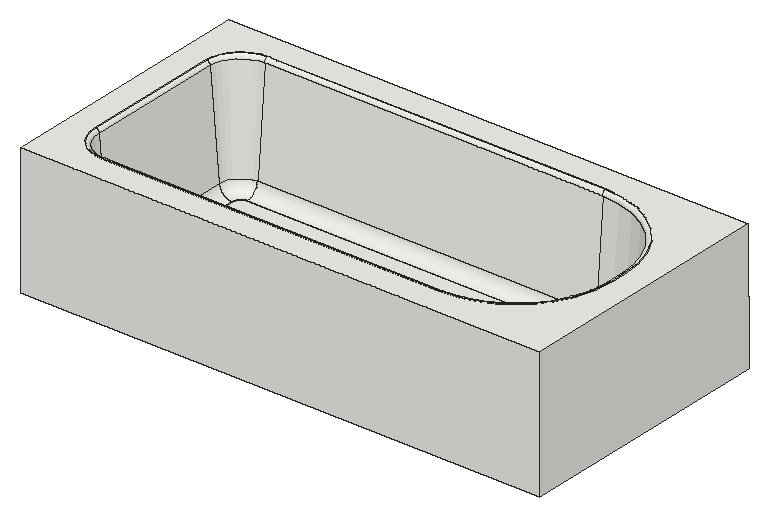
Revit family "PKNail Bathtub", category Plumbing Fixtures, host Wall, Revit 2017
Family settings
  Host = Wall
  Round Connector Dimension = Use Diameter
  Part Type = Normal
  OmniClass Number = 23.45.05.14.21.11
  OmniClass Title = Bath/Shower Units
  Always vertical = Yes
  Cut with Voids When Loaded = No
  Shared = No
  Room Calculation Point = No
Parameters (values of type "60" x 15" x 30"")
  PKNail Family Fixed Dimensions = "SillHeight"
  Assembly Code = "D2010500"
  Depth = 2' - 6"
  Height = 1' - 3"
  Tub Material = Porcelain - Ivory
  Width = 5' - 0"
Reference planes (in)
  plane 1: y = 0
  plane 2: y = 3
  plane 3: y = 33
  plane 4: x = -43.72453
  plane 5: x = 16.27547
  plane 6 "Center (Front/Back)": y = 18
  plane 7 "Center (Left/Right)": x = -13.72453
  plane 8: z = 15
  plane 9: z = 14.25
Forms (in)
  Sweep 1, solid, material "Porcelain - Ivory" <- "Tub Material"
    path origin (0, 0, 15) x (0, 1, 0) y (-1, 0, 0)
      loop
        line (30, -2.27547) -> (30, 36.72453)
        arc (30, 36.72453) -> (28.82843, 39.55295) -> (26, 40.72453) r 4
        line (26, 40.72453) -> (10, 40.72453)
        arc (10, 40.72453) -> (7.17157, 39.55295) -> (6, 36.72453) r 4
        line (6, 36.72453) -> (6, -2.27547)
        arc (6, -2.27547) -> (9.22183, -10.05365) -> (17, -13.27547) r 11
        line (17, -13.27547) -> (19, -13.27547)
        arc (19, -13.27547) -> (26.77817, -10.05365) -> (30, -2.27547) r 11
    profile origin (-17.22453, 0, 15) x (0, -1, 0) y (0, 0, 1)
      loop
        line (-30, 0) -> (-30, -14.33608) -> (-26.98411, -14.33608) -> (-26.98411, -13.58608)
        arc (-26.98411, -13.58608) -> (-27.9975, -13.192) -> (-28.47841, -12.21681) r 1.5
        line (-28.47841, -12.21681) -> (-29.50874, -0.44003)
        arc (-29.50874, -0.44003) -> (-29.67024, -0.12609) -> (-30, 0) r 0.49424
  Extrusion 2, solid, material "Porcelain - Ivory" <- "Tub Material"
    sketch origin (2.27547, 17, 0.66392) x (0, -1, 0) y (1, 0, 0)
      loop
        arc (-9.98411, -39) -> (-9.69587, -39.69587) -> (-9, -39.98411) r 0.98411
        line (-9, -39.98411) -> (7, -39.98411)
        arc (7, -39.98411) -> (7.69587, -39.69587) -> (7.98411, -39) r 0.98411
        line (7.98411, -39) -> (7.98411, 0)
        arc (7.98411, 0) -> (5.64562, 5.64562) -> (0, 7.98411) r 7.98411
        line (0, 7.98411) -> (-2, 7.98411)
        arc (-2, 7.98411) -> (-7.64562, 5.64562) -> (-9.98411, 0) r 7.98411
        line (-9.98411, 0) -> (-9.98411, -39)
      loop
        circle (-1, -38.04359) r 0.875
    from 0 to 0.75
  Extrusion 3, solid, material "Porcelain - Ivory" <- "Tub Material"
    sketch origin (0, 0, 0) x (1, 0, 0) y (0, 1, 0)
      loop
        line (-43.72453, 33) -> (-43.72453, 3) -> (16.27547, 3) -> (16.27547, 33) -> (-43.72453, 33)
      loop
        line (-42.97453, 32.25) -> (-42.97453, 3.75) -> (15.52547, 3.75) -> (15.52547, 32.25) -> (-42.97453, 32.25)
    from 0 to 14.25
  Extrusion 4, solid, material "Porcelain - Ivory" <- "Tub Material"
    sketch origin (0, 0, 15) x (0, 1, 0) y (-1, 0, 0)
      loop
        line (33, 43.72453) -> (3, 43.72453) -> (3, -16.27547) -> (33, -16.27547) -> (33, 43.72453)
      loop
        line (30, -2.27547) -> (30, 36.72453)
        arc (30, 36.72453) -> (28.82843, 39.55295) -> (26, 40.72453) r 4
        line (26, 40.72453) -> (10, 40.72453)
        arc (10, 40.72453) -> (7.17157, 39.55295) -> (6, 36.72453) r 4
        line (6, 36.72453) -> (6, -2.27547)
        arc (6, -2.27547) -> (9.22183, -10.05365) -> (17, -13.27547) r 11
        line (17, -13.27547) -> (19, -13.27547)
        arc (19, -13.27547) -> (26.77817, -10.05365) -> (30, -2.27547) r 11
    from 0 to -0.75
Cuts and joins
  joined: Extrusion 3, Extrusion 4
Lines and regions (in)
  Masking region 1
    outline origin (0, 0, 0) x (1, 0, 0) y (0, 1, 0)
      loop
        line (-43.72453, 33) -> (-43.72453, 3) -> (16.27547, 3) -> (16.27547, 33) -> (-43.72453, 33)
  symbolic lines
    curve 1: line (-36.72453, 6, 0) -> (2.27547, 6, 0)
    curve 2: line (-40.72453, 26, 0) -> (-40.72453, 10, 0)
    curve 3: line (2.27547, 30, 0) -> (-36.72453, 30, 0)
    curve 4: line (13.27547, 17, 0) -> (13.27547, 19, 0)
    curve 5: arc (-36.72453, 30, 0) -> (-39.55295, 28.82843, 0) -> (-40.72453, 26, 0) r 4
    curve 6: arc (-40.72453, 10, 0) -> (-39.55295, 7.17157, 0) -> (-36.72453, 6, 0) r 4
    curve 7: arc (2.27547, 30, 0) -> (10.05365, 26.77817, 0) -> (13.27547, 19, 0) r 11
    curve 8: arc (13.27547, 17, 0) -> (10.05365, 9.22183, 0) -> (2.27547, 6, 0) r 11
    curve 9: arc (-35.76812, 18.875, 0) -> (-34.89312, 18, 0) -> (-35.76812, 17.125, 0) r 0.875
    curve 10: arc (-35.76812, 17.125, 0) -> (-36.64312, 18, 0) -> (-35.76812, 18.875, 0) r 0.875
Text (in)
  text "Interior" at (0, 38.42453, 28.83819), in view "Right"
  text "Interior" at (0, 25.55551, 30.13204), in view "Left"
Dimensions and locks (in)
  equal spacing: plane 4, plane 7 "Center (Left/Right)", plane 5
  "Width": plane 4 to plane 5
  equal spacing: plane 2, plane 6 "Center (Front/Back)", plane 3
  "Depth": plane 2 to plane 3
  "Height": host wall to plane 8
  locked: plane 9 to plane 8 at 0.75
  aligned and locked: plane 2 to host wall
  aligned and locked: Sweep 1 sketch curve to Extrusion 4  (x2)
  aligned and locked: Extrusion 2 sketch curve to Sweep 1  (x2)
  aligned and locked: Sweep 1 to Extrusion 4
  aligned and locked: Extrusion 3 to plane 9
  aligned and locked: Masking region 1 sketch curve to plane 5
  aligned and locked: plane 3 to Masking region 1 sketch curve
  aligned and locked: plane 4 to Masking region 1 sketch curve
  aligned and locked: Masking region 1 sketch curve to plane 2
Automatic sketch dimensions
  Sweep 1 sketch curve to plane 8 = 0' - 0"
  Sweep 1 sketch curve to profile plane = 0' - 0"
  plane 8 to Sweep 1 sketch curve = 0' - 0.44003"
  Sweep 1 sketch curve to profile plane = 0' - 0.49126"
  Sweep 1 sketch curve to profile plane = 0' - 1.52159"
  Sweep 1 sketch curve to Sweep 1 sketch curve = 0' - 1.49429"
  Sweep 1 sketch curve to Sweep 1 sketch curve = 0' - 11.64605"
  Sweep 1 sketch curve to Sweep 1 sketch curve = 0' - 0.13073"
  Sweep 1 sketch curve to Sweep 1 sketch curve = 0' - 0 3/4"
  Extrusion 3 sketch curve to plane 3 = 0' - 0"
  Extrusion 3 sketch curve to plane 4 = 0' - 0"
  Extrusion 3 sketch curve to plane 2 = 0' - 0"
  Extrusion 3 sketch curve to plane 5 = 0' - 0"
  plane 4 to Extrusion 3 sketch curve = 0' - 0 3/4"
  Extrusion 3 sketch curve to Extrusion 3 sketch curve = 0' - 0 3/4"
  Extrusion 3 sketch curve to plane 2 = 0' - 0 3/4"
  plane 3 to Extrusion 3 sketch curve = 0' - 0 3/4"
  Extrusion 4 sketch curve to plane 2 = 0' - 0"
  Extrusion 4 sketch curve to plane 3 = 0' - 0"
  Extrusion 4 sketch curve to plane 2 = 0' - 3"
  plane 4 to Extrusion 4 sketch curve = 0' - 3"
  Extrusion 4 sketch curve to Extrusion 4 sketch curve = 0' - 4"
  plane 6 "Center (Front/Back)" to Extrusion 4 sketch curve = 0' - 1"
  Extrusion 4 sketch curve to plane 6 "Center (Front/Back)" = 0' - 1"
  Extrusion 4 sketch curve to Extrusion 4 sketch curve = 0' - 7"
  plane 3 to Extrusion 4 sketch curve = 0' - 3"
  Extrusion 4 sketch curve to plane 5 = 0' - 0"
  Extrusion 4 sketch curve to plane 4 = 0' - 0"
  Extrusion 4 sketch curve to plane 5 = 0' - 3"
  Sweep 1 sketch curve to Sweep 1 sketch curve = 0' - 4"
  plane 6 "Center (Front/Back)" to Sweep 1 sketch curve = 0' - 1"
  Sweep 1 sketch curve to plane 6 "Center (Front/Back)" = 0' - 1"
  plane 3 to Sweep 1 sketch curve = 0' - 7"
  plane 3 to Sweep 1 sketch curve = 0' - 3"
  plane 4 to Sweep 1 sketch curve = 0' - 7"
  Extrusion 2 sketch curve to plane 6 "Center (Front/Back)" = 0' - 0"
  Extrusion 2 sketch curve to Extrusion 2 sketch curve = 0' - 0 7/8"
  Extrusion 2 sketch curve to plane 6 "Center (Front/Back)" = 0' - 1"
  plane 3 to Extrusion 2 sketch curve = 0' - 7"
  plane 3 to Extrusion 2 sketch curve = 0' - 6.01589"
  plane 6 "Center (Front/Back)" to Extrusion 2 sketch curve = 0' - 1"
  Extrusion 2 sketch curve to Extrusion 2 sketch curve = 0' - 0.98411"
  plane 4 to Extrusion 2 sketch curve = 0' - 7.95641"
  plane 4 to Extrusion 2 sketch curve = 0' - 7"
  curve 10 to plane 6 "Center (Front/Back)" = 0' - 0"
  plane 4 to curve 2 = 0' - 3"
  host wall to curve 1 = 0' - 3"
  curve 2 to curve 1 = 0' - 4"
  plane 3 to curve 5 = 0' - 3"
  curve 5 to curve 5 = 0' - 4"
  plane 6 "Center (Front/Back)" to curve 10 = 0' - 0 7/8"
  curve 6 to curve 10 = 0' - 0.95641"
  curve 3 to plane 5 = 1' - 2"
  curve 1 to curve 7 = 0' - 0"
  plane 6 "Center (Front/Back)" to curve 8 = 0' - 1"
